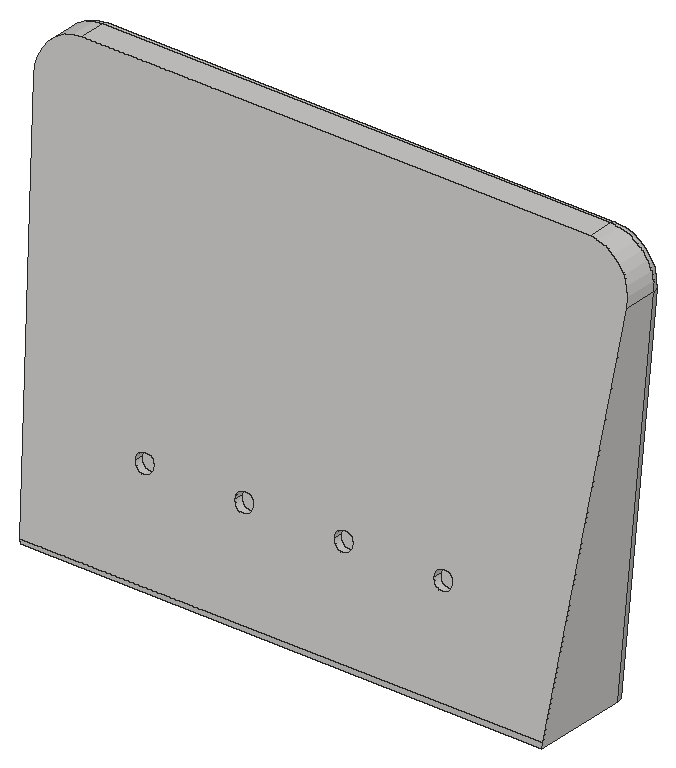
Revit family "PRD_FrankeWS_SoapDshs_SoapTray_BS646", category Furniture, host Face, Revit 2018
Family settings
  Host = Face
  OmniClass Number = 23.40.20.21
  OmniClass Title = Toilet and Bath Specialties
  Cut with Voids When Loaded = No
  Shared = No
  Room Calculation Point = No
Parameters (values of type "BS646")
  WarrantyStartDate [instance] = "1900-12-31T23:59:59"
  WarrantyGuarantorParts = "n/a"
  WarrantyGuarantorLabor = "n/a"
  WarrantyDurationUnit = "year"
  WarrantyDurationParts = "n/a"
  WarrantyDurationLabor = "n/a"
  WarrantyDescription = "n/a"
  Version = "1"
  Uniclass2015Version = "Products v1.5"
  Uniclass2015Title = "Soap dishes"
  Uniclass2015Code = "Pr_40_20_76_82"
  URL = "www.kwc.com"
  TrayMaterial = PRD_AR_StainlessSteel_SatinFinished
  TagNumber [instance] = "n/a"
  SustainabilityPerformance = "n/a"
  Style = "Soap tray"
  Size = "125 x 22 x 90 mm"
  Shape = "n/a"
  SerialNumber [instance] = "n/a"
  Revision = "n/a"
  ReplacementCost = "n/a"
  ProductInformation = "https://pim.kwc.com/product/2000056910/attachment/datasheet?locale=en"
  NominalWidth = 125.00 mm
  NominalLength = 125.00 mm
  NominalHeight = 22.00 mm
  NominalDepth = 90.00 mm
  Name = "Soap tray BS646"
  NBSTypeID = "n/a"
  NBSReference = "45-35-72/356"
  NBSOfficeMasterTag = "n/a"
  NBSNote = "n/a"
  NBSDescription = "Soap dishes"
  NBSCertification = "n/a"
  ModelReference = "BS646"
  ModelNumber = "2000056910"
  Model = ModelReference  # "BS646"
  Materials = "Stainless steel 1.4301"
  Material = "Stainless steel"
  ManufacturerURL = "www.kwc.com"
  ManufacturerName = "KWC Group AG"  # constant formula
  Manufacturer = ManufacturerName  # "KWC Group AG"
  MainColor = "Stainless steel"
  IntegralAccessories = "Stainless steel screws and dowels incl."
  InstallationDate [instance] = "1900-12-31T23:59:59"
  IfcExportType = "NOTDEFINED"
  IfcExportAs = "IfcFurnitureType"
  Grade = "n/a"
  Form = "Wall mounted"
  FinishAndColour = "Stainless steel, satin finished"
  Finish = "Satin finished"
  Features = "stainless steel, 1.00 mm, satin finished, wall mounting, 125x22x90 mm (WxHxD)"
  ExpectedLife = "n/a"
  DurationUnit = "year"
  Description = "Soap tray for wall mounting, stainless steel, surface satin finished, material thickness 1.0 mm, deep drawn soap dish, incl. stainless steel screws and dowels. soap dish with drainage"
  Default Elevation = 1100.00 mm
  Constituents = "n/a"
  Color = "Stainless steel"
  CodePerformance = "n/a"
  Category = "Pr_40_20_76_82, Soap dishes"
  BarCode [instance] = "n/a"
  BIMObjectName = "PRD_AR_SoapDishes_SoapTray_BS646"
  Author = "Archispace"  # constant formula
  AssetType = "Fixed"
  AssetIdentifier [instance] = "n/a"
  AccessibilityPerformance = "n/a"
Reference planes
  plane 1 "Center (Front/Back)": y = 0
  plane 2: z = 0
  plane 3 "Center (Left/Right)": x = 0
  plane 4: through (0, -19, 14) normal (0, 0.9651, -0.262)
Forms (mm)
  Extrusion 1, solid, material "PRD_AR_StainlessSteel_SatinFinished" <- "TrayMaterial", detail levels fine
    sketch origin (0, 0, 0) x (1, 0, 0) y (0, 0, 1)
      loop
        line (53.61, 90) -> (-53.61, 90)
        arc (-53.61, 90) -> (-60.266, 87.057) -> (-62.57, 80.154) r 9
        line (-62.57, 80.154) -> (-55, 0) -> (55, 0) -> (62.57, 80.154)
        arc (62.57, 80.154) -> (60.266, 87.057) -> (53.61, 90) r 9
    from 0 to 22
  Extrusion 2, void
    sketch origin (0, -19, 14) x (0, -0.261951, -0.965081) y (-1, 0, 0)
      loop
        spline (-60.631, 54.107) -> (-61.867, 54.275) -> (-63.07, 54.411) -> (-64.237, 54.513) -> (-65.363, 54.581) -> (-66.446, 54.614) -> (-67.481, 54.614) -> (-68.466, 54.579) -> (-69.398, 54.51) -> (-70.273, 54.407) -> (-71.089, 54.271) -> (-71.843, 54.101) -> (-72.533, 53.899)
        line (-72.533, 53.899) -> (-72.533, -53.899)
        spline (-72.533, -53.899) -> (-71.843, -54.101) -> (-71.089, -54.271) -> (-70.273, -54.407) -> (-69.398, -54.51) -> (-68.466, -54.579) -> (-67.481, -54.614) -> (-66.446, -54.614) -> (-65.363, -54.581) -> (-64.237, -54.513) -> (-63.07, -54.411) -> (-61.867, -54.275) -> (-60.631, -54.107)
        line (-60.631, -54.107) -> (-10.066, -46.629)
        arc (-10.066, -46.629) -> (-6.401, -44.613) -> (-4.943, -40.693) r 6
        line (-4.943, -40.693) -> (-4.943, 40.693)
        arc (-4.943, 40.693) -> (-6.401, 44.613) -> (-10.066, 46.629) r 6
        line (-10.066, 46.629) -> (-60.631, 54.107)
    from 0 to 33.916
  Sweep 3, void
    path in 3D
      loop
        line (-54.859, 0, -1.492) -> (-62.57, 0, 80.154)
        arc (-62.57, 0, 80.154) -> (-60.266, 0, 87.057) -> (-53.61, 0, 90) r 9
        line (-53.61, 0, 90) -> (53.61, 0, 90)
        arc (53.61, 0, 90) -> (60.266, 0, 87.057) -> (62.57, 0, 80.154) r 9
        line (62.57, 0, 80.154) -> (54.776, 0, -2.37)
    profile origin (0, 0, 90) x (0, 1, 0) y (0, 0, 1)
      loop
        line (0, 0) -> (-2, 0)
        arc (-2, 0) -> (-0.586, -0.586) -> (0, -2) r 2
        line (0, -2) -> (0, 0)
  Extrusion 4, void
    sketch origin (0, 0, 0) x (0, 1, 0) y (0, 0, 1)
      loop
        line (-7.5, 90) -> (-27, 90) -> (-27, 0) -> (-22, 0) -> (-22, 1) -> (-7.5, 90)
    from -100 to 100
  Extrusion 5, void
    sketch origin (0, 0, 0) x (-1, 0, 0) y (0, 0, 1)
      loop
        circle (-10.5, 22) r 2
      loop
        circle (-31.5, 22) r 2
      loop
        circle (10.5, 22) r 2
      loop
        circle (31.5, 22) r 2
    from 0 to -22
  Extrusion 6, solid, material "PRD_AR_StainlessSteel_SatinFinished" <- "TrayMaterial", detail levels medium
    sketch origin (0, 0, 0) x (1, 0, 0) y (0, 0, 1)
      loop
        line (55, 0) -> (62.57, 80.154)
        arc (62.57, 80.154) -> (60.266, 87.057) -> (53.61, 90) r 9
        line (53.61, 90) -> (-53.61, 90)
        arc (-53.61, 90) -> (-60.266, 87.057) -> (-62.57, 80.154) r 9
        line (-62.57, 80.154) -> (-55, 0) -> (55, 0)
    from 0 to 22
  Extrusion 7, solid, material "PRD_AR_StainlessSteel_SatinFinished" <- "TrayMaterial", detail levels coarse
    sketch origin (0, 0, 0) x (1, 0, 0) y (0, 0, 1)
      loop
        line (55, 0) -> (63.5, 90) -> (-63.5, 90) -> (-55, 0) -> (55, 0)
    from 0 to 22
Cuts and joins
  Extrusion 2, Sweep 3, Extrusion 4, Extrusion 5 cuts Extrusion 1
  Extrusion 4 cuts Extrusion 6
Lines and regions (mm)
  sketch lines
    curve 1: line (-53.61, 0, 90) -> (53.61, 0, 90)
    curve 2: arc (-53.61, 0, 90) -> (-60.266, 0, 87.057) -> (-62.57, 0, 80.154) r 9
    curve 3: line (-54.859, 0, -1.492) -> (-62.57, 0, 80.154)
    curve 4: arc (62.57, 0, 80.154) -> (60.266, 0, 87.057) -> (53.61, 0, 90) r 9
    curve 5: line (62.57, 0, 80.154) -> (54.776, 0, -2.37)
Dimensions and locks
  aligned and locked: plane 2 to host face
  aligned and locked: level to host face
